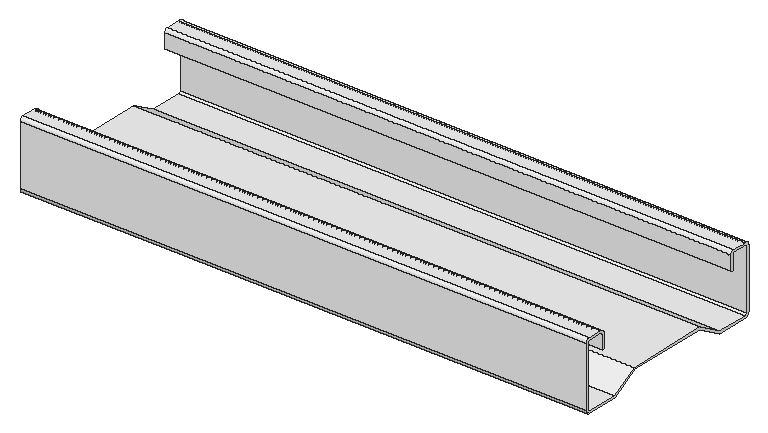
Revit family "M_Trilho-madre C galvanizado", category Quadro estrutural, Revit 2019
Family settings
  Arredondamento do comprimento do framing estrutural = 0 mm
  Forma do corte = Não definido
  Material para o comportamento do modelo = Aço
  Exportar sempre como geometria = Não
  Número OmniClass = 23.25.30.11.14.14
  Título OmniClass = Beams
  ID de item do Seek = Light Gauge-C Purlin-Rail-0000-CAN-ENU
  Sempre na vertical = Sim
  Corte com vazios quando carregada = Não
  Representação simbólica = Das configurações de projeto
  Compartilhado = Não
  Exibir o pré-corte da família na vista da planta = Sim
Parameters (values of type "CP225")
  x = t / tan(90.00° - Ângulo / 2)  # 0.539 mm
  t = 2 mm
  d = 20 mm
  b1 = 90 mm
  b = 40 mm
  W = 0
  Structural Material [instance] = Aço leve galvaniado
  D2 = 75 mm
  D1 = 75 mm
  B = 225 mm
  Assembly Code = ""
  Length [instance] = 1500 mm
  Ângulo = if(B - 2 * b - b1 = 0 mm, 90.00°, atan(32 mm / (B - 2 * b - b1)))  # 30.1916°
  A = 0.00 m²
Reference planes
  plane 1 "Centro (Frente/Trás)": y = 0
  plane 2: z = 0
  plane 3 "Centro (Esquerda/Direita)": x = 4.61
  plane 4 "Membro esquerdo": x = -317.726
  plane 5 "Membro direito": x = 312.139
  plane 6: y = -45
  plane 7 "Superior 1": z = 75
  plane 8 "Esquerda": x = -757.39
  plane 9 "Direita": x = 742.61
  plane 10: y = 72.5
  plane 11: y = -72.5
  plane 12: y = -112.5
  plane 13: y = 112.5
  plane 14: y = 45
  plane 15: y = 88.5
  plane 16: y = -88.5
  plane 17: z = 16
  plane 18: z = 55
  plane 19: y = 45.539
  plane 20: y = 73.039
  plane 21: y = -45.539
  plane 22: y = -73.039
  plane 23 "Superior 2": z = 75
  plane 24: z = 55
Forms (mm)
  Sweep 1, solid, material "Aço leve galvaniado" <- "Structural Material", detail levels fine
    path origin (0, 0, 0) x (1, 0, 0) y (0, 1, 0)
      loop
        line (312.139, 0) -> (-317.726, 0)
    profile origin (-2.794, 0, 0) x (0, -1, 0) y (0, 0, 1)
      loop
        line (-108.5, 0) -> (-72.5, 0) -> (-45, 16) -> (45, 16) -> (72.5, 0) -> (108.5, 0)
        arc (108.5, 0) -> (111.328, 1.172) -> (112.5, 4) r 4
        line (112.5, 4) -> (112.5, 71)
        arc (112.5, 71) -> (111.328, 73.828) -> (108.5, 75) r 4
        line (108.5, 75) -> (92.5, 75)
        arc (92.5, 75) -> (89.672, 73.828) -> (88.5, 71) r 4
        line (88.5, 71) -> (88.5, 55) -> (90.5, 55) -> (90.5, 71)
        arc (90.5, 71) -> (91.086, 72.414) -> (92.5, 73) r 2
        line (92.5, 73) -> (108.5, 73)
        arc (108.5, 73) -> (109.914, 72.414) -> (110.5, 71) r 2
        line (110.5, 71) -> (110.5, 4)
        arc (110.5, 4) -> (109.914, 2.586) -> (108.5, 2) r 2
        line (108.5, 2) -> (73.039, 2) -> (45.539, 18) -> (-45.539, 18) -> (-73.039, 2) -> (-108.5, 2)
        arc (-108.5, 2) -> (-109.914, 2.586) -> (-110.5, 4) r 2
        line (-110.5, 4) -> (-110.5, 71)
        arc (-110.5, 71) -> (-109.914, 72.414) -> (-108.5, 73) r 2
        line (-108.5, 73) -> (-92.5, 73)
        arc (-92.5, 73) -> (-91.086, 72.414) -> (-90.5, 71) r 2
        line (-90.5, 71) -> (-90.5, 55) -> (-88.5, 55) -> (-88.5, 71)
        arc (-88.5, 71) -> (-89.672, 73.828) -> (-92.5, 75) r 4
        line (-92.5, 75) -> (-108.5, 75)
        arc (-108.5, 75) -> (-111.328, 73.828) -> (-112.5, 71) r 4
        line (-112.5, 71) -> (-112.5, 4)
        arc (-112.5, 4) -> (-111.328, 1.172) -> (-108.5, 0) r 4
  Sweep 2, solid, material "Aço leve galvaniado" <- "Structural Material", detail levels medium
    path origin (0, 0, 0) x (1, 0, 0) y (0, 1, 0)
      loop
        line (-317.726, 0) -> (312.139, 0)
    profile origin (-2.794, 0, 0) x (0, 1, 0) y (0, 0, 1)
      loop
        line (88.5, 55) -> (90.5, 55) -> (90.5, 73) -> (110.5, 73) -> (110.5, 2) -> (73.039, 2) -> (45.539, 18) -> (-45.539, 18) -> (-73.039, 2) -> (-110.5, 2) -> (-110.5, 73) -> (-90.5, 73) -> (-90.5, 55) -> (-88.5, 55) -> (-88.5, 75) -> (-112.5, 75) -> (-112.5, 0) -> (-72.5, 0) -> (-45, 16) -> (45, 16) -> (72.5, 0) -> (112.5, 0) -> (112.5, 75) -> (88.5, 75) -> (88.5, 55)
Lines and regions (mm)
  symbolic lines, style "Faces ocultas", detail levels medium+fine
    curve 1: line (-317.726, 4.763, 73) -> (312.139, 4.763, 73)
    curve 2: line (-317.726, 4.763, 2) -> (312.139, 4.763, 2)
    curve 3: line (-317.726, 110.5, 0) -> (312.139, 110.5, 0)
    curve 4: line (-317.726, 90.5, 0) -> (312.139, 90.5, 0)
    curve 5: line (-317.726, -90.5, 0) -> (312.139, -90.5, 0)
    curve 6: line (312.139, -110.5, 0) -> (-317.726, -110.5, 0)
    curve 7: line (-317.726, 45, 0) -> (312.139, 45, 0)
    curve 8: line (-317.726, 72.5, 0) -> (312.139, 72.5, 0)
    curve 9: line (312.139, -72.5, 0) -> (-317.726, -72.5, 0)
    curve 10: line (-317.726, -45, 0) -> (312.139, -45, 0)
    curve 11: line (312.139, 0, 55) -> (-317.726, 0, 55)
    curve 12: line (312.139, 0, 18) -> (-317.726, 0, 18)
    curve 13: line (-317.726, 0, 16) -> (312.139, 0, 16)
  symbolic lines, style "Símbolos de vara", detail levels coarse
    curve 14: line (-757.39, 88.5, 55) -> (-757.39, 88.5, 75)
    curve 15: line (-757.39, 88.5, 75) -> (-757.39, 112.5, 75)
    curve 16: line (-757.39, 112.5, 75) -> (-757.39, 112.5, 0)
    curve 17: line (-757.39, 112.5, 0) -> (-757.39, 72.5, 0)
    curve 18: line (-757.39, 72.5, 0) -> (-757.39, 45, 16)
    curve 19: line (-757.39, 45, 16) -> (-757.39, -45, 16)
    curve 20: line (-757.39, -45, 16) -> (-757.39, -72.5, 0)
    curve 21: line (-757.39, -72.5, 0) -> (-757.39, -112.5, 0)
    curve 22: line (-757.39, -112.5, 0) -> (-757.39, -112.5, 75)
    curve 23: line (-757.39, -112.5, 75) -> (-757.39, -88.5, 75)
    curve 24: line (-757.39, -88.5, 75) -> (-757.39, -88.5, 55)
Dimensions and locks
  "D1": plane 2 to plane 7 "Superior 1"
  "Length": plane 8 "Esquerda" to plane 9 "Direita"
  equal spacing: plane 14, plane 1 "Centro (Frente/Trás)", plane 6
  equal spacing: plane 10, plane 1 "Centro (Frente/Trás)", plane 11
  equal spacing: plane 13, plane 1 "Centro (Frente/Trás)", plane 12
  "B": plane 13 to plane 12
  "b": plane 13 to plane 10
  locked: plane 17 to plane 2 at 16
  locked: plane 13 to plane 15 at 24
  locked: plane 16 to plane 12 at 24
  "d": plane 7 "Superior 1" to plane 18
  "b1": plane 14 to plane 6
  "x": plane 20 to plane 10
  "x": plane 19 to plane 14
  "x": plane 6 to plane 21
  "x": plane 11 to plane 22
  "t": Sweep 2 sketch curve to Sweep 2 sketch curve  (x11)
  "D2": plane 23 "Superior 2" to plane 2
  "d": plane 23 "Superior 2" to plane 24
  "t": Sweep 1 sketch curve to Sweep 1 sketch curve  (x11)
  locked: Sweep 1 sketch curve to Sweep 1 sketch curve at 2  (x9)
  aligned and locked: Sweep 1 sketch curve to plane 1 "Centro (Frente/Trás)"
  aligned and locked: plane 18 to Sweep 1 sketch curve
  aligned and locked: plane 15 to Sweep 1 sketch curve
  aligned and locked: Sweep 1 sketch curve to plane 7 "Superior 1"
  aligned and locked: Sweep 1 sketch curve to plane 13
  aligned and locked: Sweep 1 sketch curve to level  (x2)
  aligned and locked: Sweep 1 sketch curve to plane 17
  aligned and locked: plane 12 to Sweep 1 sketch curve
  aligned and locked: plane 16 to Sweep 1 sketch curve
  aligned and locked: plane 10 to Sweep 1 sketch curve
  aligned and locked: plane 14 to Sweep 1 sketch curve
  aligned and locked: plane 6 to Sweep 1 sketch curve
  aligned and locked: plane 11 to Sweep 1 sketch curve
  aligned and locked: curve 3 to Sweep 1
  aligned and locked: curve 4 to Sweep 1
  aligned and locked: curve 5 to Sweep 1
  aligned and locked: curve 6 to Sweep 1
  aligned and locked: curve 7 to Sweep 1
  aligned and locked: curve 8 to Sweep 1
  aligned and locked: curve 9 to Sweep 1
  aligned and locked: curve 10 to Sweep 1
  aligned and locked: curve 2 to Sweep 1
  aligned and locked: curve 11 to Sweep 1
  aligned and locked: curve 12 to Sweep 1
  aligned and locked: curve 13 to Sweep 1
  aligned and locked: Sweep 1 to curve 12
  aligned and locked: plane 1 "Centro (Frente/Trás)" to Sweep 2 sketch curve
  aligned and locked: Sweep 2 sketch curve to plane 15
  aligned and locked: plane 7 "Superior 1" to Sweep 2 sketch curve
  aligned and locked: plane 13 to Sweep 2 sketch curve
  aligned and locked: Sweep 2 sketch curve to plane 2  (x2)
  aligned and locked: Sweep 2 sketch curve to plane 17
  aligned and locked: Sweep 2 sketch curve to plane 12
  aligned and locked: plane 16 to Sweep 2 sketch curve
  aligned and locked: Sweep 2 sketch curve to Sweep 1
  aligned and locked: plane 14 to Sweep 2 sketch curve
  aligned and locked: plane 6 to Sweep 2 sketch curve
  aligned and locked: plane 10 to Sweep 2 sketch curve
  aligned and locked: plane 11 to Sweep 2 sketch curve
  aligned and locked: plane 20 to Sweep 2 sketch curve
  aligned and locked: plane 19 to Sweep 2 sketch curve
  aligned and locked: plane 21 to Sweep 2 sketch curve
  aligned and locked: plane 22 to Sweep 2 sketch curve
  aligned and locked: plane 19 to Sweep 1 sketch curve
  aligned and locked: plane 20 to Sweep 1 sketch curve
  aligned and locked: plane 21 to Sweep 1 sketch curve
  aligned and locked: plane 22 to Sweep 1 sketch curve
  aligned and locked: Sweep 1 to curve 14
  aligned and locked: curve 14 to Sweep 2
  aligned and locked: curve 15 to Sweep 2
  aligned and locked: curve 16 to Sweep 2
  aligned and locked: curve 17 to Sweep 2
  aligned and locked: curve 18 to Sweep 1
  aligned and locked: curve 19 to Sweep 1
  aligned and locked: curve 20 to Sweep 1
  aligned and locked: curve 21 to Sweep 2
  aligned and locked: curve 22 to Sweep 2
  aligned and locked: curve 23 to Sweep 2
  aligned and locked: curve 24 to Sweep 2
  aligned and locked: plane 23 "Superior 2" to Sweep 1 sketch curve
  aligned and locked: plane 24 to Sweep 2 sketch curve
  aligned and locked: plane 24 to Sweep 1 sketch curve
  aligned and locked: plane 24 to curve 24
  aligned and locked: plane 23 "Superior 2" to Sweep 2
  aligned and locked: plane 4 "Membro esquerdo" to Sweep 2 sketch curve
  aligned and locked: plane 5 "Membro direito" to Sweep 2 sketch curve
  aligned and locked: plane 4 "Membro esquerdo" to Sweep 1 sketch curve
  aligned and locked: plane 5 "Membro direito" to Sweep 1 sketch curve
  aligned and locked: plane 4 "Membro esquerdo" to curve 6
  aligned and locked: plane 4 "Membro esquerdo" to curve 5
  aligned and locked: plane 4 "Membro esquerdo" to curve 9
  aligned and locked: plane 4 "Membro esquerdo" to curve 10
  aligned and locked: plane 4 "Membro esquerdo" to curve 3
  aligned and locked: plane 4 "Membro esquerdo" to curve 4
  aligned and locked: plane 4 "Membro esquerdo" to curve 8
  aligned and locked: plane 4 "Membro esquerdo" to curve 7
  aligned and locked: plane 5 "Membro direito" to curve 3
  aligned and locked: plane 5 "Membro direito" to curve 4
  aligned and locked: plane 5 "Membro direito" to curve 8
  aligned and locked: plane 5 "Membro direito" to curve 7
  aligned and locked: plane 5 "Membro direito" to curve 10
  aligned and locked: plane 5 "Membro direito" to curve 9
  aligned and locked: plane 5 "Membro direito" to curve 5
  aligned and locked: plane 5 "Membro direito" to curve 6
  aligned and locked: plane 4 "Membro esquerdo" to curve 2
  aligned and locked: plane 4 "Membro esquerdo" to curve 13
  aligned and locked: plane 4 "Membro esquerdo" to curve 11
  aligned and locked: plane 4 "Membro esquerdo" to curve 1
  aligned and locked: plane 5 "Membro direito" to curve 2
  aligned and locked: plane 5 "Membro direito" to curve 13
  aligned and locked: plane 5 "Membro direito" to curve 12
  aligned and locked: plane 5 "Membro direito" to curve 11
  aligned and locked: plane 5 "Membro direito" to curve 1
Automatic sketch dimensions
  Sweep 2 sketch curve to Sweep 2 sketch curve = 18 mm
  plane 7 "Superior 1" to curve 1 = 2 mm
  Sweep 1 sketch curve to Sweep 1 sketch curve = 0 mm  (x6)
Types in the file's own list only (1): name | x | d | b1 | B | Ângulo
  CP250 | 1 mm | 6 mm | 114 mm | 250 mm | 29.74°
